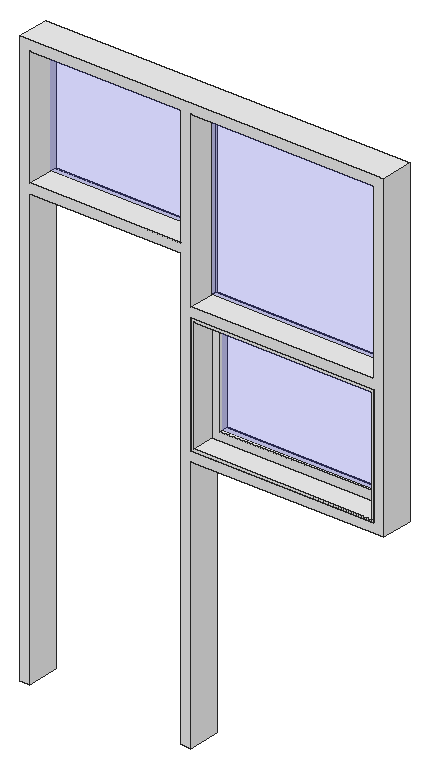
Revit family
Parameters
  창 두께 = 150 mm
  창 패널 = AW18 창 패널
  창 프레임 = AW18 창 프레임
  Height = 1500 mm
  절반 창 두께 = 창 두께 / 2  # 75 mm
  기본 씰 높이 = 1200 mm
  Wall Closure = (empty or 0)
  Width = 1700 mm
Reference planes
  plane 1: y = 0
  plane 2 "중심(왼쪽/오른쪽)": x = 0
  plane 3 "왼쪽": x = -797.5
  plane 4 "오른쪽": x = 902.5
  plane 5 "씰": z = 1200
  plane 6 "헤드": z = 2700
  plane 7 "외부": y = 100
  plane 8 "내부": y = -100
  plane 9: y = 75
  plane 10: y = -75
  plane 11: y = 35
  plane 12: x = -752.5
  plane 13: x = 857.5
  plane 14: x = -742.5
  plane 15: x = 847.5
  plane 16: z = 1800
  plane 17: z = 1790
  plane 18: z = 1845
  plane 19: y = 55
  plane 20: y = 66
  plane 21: y = 44
  plane 22: y = -11
  plane 23: y = 11
  plane 24: x = -47.5
  plane 25: x = 2.5
  plane 26: x = -57.5
  plane 27: x = 12.5
  plane 28: x = -47.5
  plane 29: z = 2100
  plane 30: z = 2055
  plane 31: z = 45
  plane 32: z = 2655
  plane 33: z = 1245
  plane 34: z = 0
  plane 35: z = 1255
  plane 36: z = 1750
  plane 37: x = 50
  plane 38: x = 807.5
  plane 39: z = 1295
  plane 40: x = 428.75
Forms (mm)
  Extrusion 1, solid, material "AW18 창 프레임" <- "창 프레임"
    sketch origin (-2000, 75, 1000) x (-1, 0, 0) y (0, 0, 1)
      loop
        line (-2902.5, 1700) -> (-2902.5, 200) -> (-2002.5, 200) -> (-2002.5, -1000) -> (-1952.5, -1000) -> (-1952.5, 1055) -> (-1247.5, 1055) -> (-1247.5, -1000) -> (-1202.5, -1000) -> (-1202.5, 1700) -> (-2902.5, 1700)
      loop
        line (-2857.5, 800) -> (-2857.5, 245) -> (-2000, 245) -> (-2000, 800) -> (-2857.5, 800)
      loop
        line (-2857.5, 1655) -> (-2857.5, 845) -> (-2000, 845) -> (-2000, 1655) -> (-2857.5, 1655)
      loop
        line (-1952.5, 1655) -> (-1952.5, 1100) -> (-1247.5, 1100) -> (-1247.5, 1655) -> (-1952.5, 1655)
    from -150 to 0
  Extrusion 2, solid, material "AW18 창 프레임" <- "창 프레임"
    sketch origin (-2000, 75, 1000) x (-1, 0, 0) y (0, 0, 1)
      loop
        line (-2857.5, 800) -> (-2857.5, 245) -> (-2000, 245) -> (-2000, 800) -> (-2857.5, 800)
      loop
        line (-2807.5, 750) -> (-2807.5, 295) -> (-2050, 295) -> (-2050, 750) -> (-2807.5, 750)
    from -40 to 0
  Extrusion 3, solid, material "AW18 창 프레임" <- "창 프레임"
    sketch origin (-2000, 75, 1000) x (-1, 0, 0) y (0, 0, 1)
      loop
        line (-2857.5, 800) -> (-2857.5, 245) -> (-2000, 245) -> (-2000, 800) -> (-2857.5, 800)
      loop
        line (-2847.5, 790) -> (-2847.5, 255) -> (-2012.5, 255) -> (-2012.5, 790) -> (-2847.5, 790)
    from -40 to -150
  Extrusion 4, solid, material "AW18 창 패널" <- "창 패널"
    sketch origin (-2000, 75, 1000) x (-1, 0, 0) y (0, 0, 1)
      loop
        line (-2807.5, 750) -> (-2807.5, 295) -> (-2050, 295) -> (-2050, 750) -> (-2807.5, 750)
      loop
        line (-2857.5, 1655) -> (-2857.5, 845) -> (-2002.5, 845) -> (-2002.5, 1655) -> (-2857.5, 1655)
      loop
        line (-1952.5, 1655) -> (-1952.5, 1100) -> (-1247.5, 1100) -> (-1247.5, 1655) -> (-1952.5, 1655)
    from -31 to -9
Lines and regions (mm)
  Opening 1
    outline origin (3500, -100, 0) x (1, 0, 0) y (0, 0, 1)
      loop
        line (-2597.5, 1200) -> (-2597.5, 2700) -> (-4297.5, 2700) -> (-4297.5, 0) -> (-3497.5, 0) -> (-3497.5, 1200) -> (-2597.5, 1200)
  Masking region 1
    outline origin (0, 0, 0) x (1, 0, 0) y (0, 1, 0)
      loop
        line (-797.5, 100) -> (-797.5, -100) -> (1602.5, -100) -> (1602.5, 100) -> (-797.5, 100)
  symbolic lines, style "입면도 스윙"
    curve 1: line (428.75, 75, 1800) -> (857.5, 75, 1245)
    curve 2: line (428.75, 75, 1800) -> (0, 75, 1245)
  symbolic lines
    curve 3: line (-797.5, 100, 0) -> (-797.5, -100, 0)
    curve 4: line (-797.5, 75, 0) -> (902.5, 75, 0)
    curve 5: line (-797.5, -75, 0) -> (902.5, -75, 0)
    curve 6: line (902.5, 100, 0) -> (902.5, -100, 0)
    curve 7: line (-47.5, 75, 0) -> (-47.5, -75, 0)
    curve 8: line (50, 75, 0) -> (50, -75, 0)
    curve 9: line (50, 0, 0) -> (902.5, 0, 0)
    curve 10: line (-797.5, 100, 0) -> (902.5, 100, 0)
    curve 11: line (-797.5, -100, 0) -> (902.5, -100, 0)
Text (mm)
  text "외부" at (-1963.203, 1332.353, 0), in view "참조 레벨"
  text "내부" at (-1981.466, -818.386, 0), in view "참조 레벨"
  text "외부" at (0, 923.751, 2943.296), in view "오른쪽"
  text "외부" at (0, 1040.484, 2685.409), in view "왼쪽"
Dimensions and locks
  "Height": plane 5 "씰" to plane 6 "헤드"
  "기본 씰 높이": plane 5 "씰" to level
  locked: plane 7 "외부" to host wall at 0
  locked: plane 8 "내부" to host wall
  plane 17 to plane 16 to plane 18 = 10 mm locked, 45 mm locked
  plane 9 to plane 19 to plane 11 = 20 mm locked, 20 mm locked
  plane 20 to plane 19 to plane 21 = 11 mm locked, 11 mm locked
  plane 23 to host wall to plane 22 = 11 mm locked, 11 mm locked
  plane 3 "왼쪽" to plane 12 to plane 14 = 45 mm locked, 10 mm locked
  plane 15 to plane 13 to plane 4 "오른쪽" = 10 mm locked, 45 mm locked
  locked: plane 26 to plane 24 at 10
  locked: plane 25 to plane 27 at 10
  locked: plane 5 "씰" to plane 16 at 600
  locked: plane 30 to plane 29 at 45
  locked: plane 29 to plane 6 "헤드" at 600
  plane 25 to plane 3 "왼쪽" = 800 mm
  "절반 창 두께": plane 9 to host wall
  "절반 창 두께": plane 10 to host wall
  locked: level to plane 31 at 45
  locked: plane 32 to plane 6 "헤드" at 45
  locked: plane 5 "씰" to plane 33 at 45
  locked: plane 33 to plane 35 at 10
  locked: plane 36 to plane 16 at 50
  locked: plane 38 to plane 13 at 50
  locked: plane 33 to plane 39 at 50
  locked: Extrusion 1 to plane 37 at 50
  "Width": plane 3 "왼쪽" to plane 4 "오른쪽"
  equal spacing: plane 37, plane 40, plane 38
  aligned and locked: Opening 1 sketch curve to level
  aligned and locked: Opening 1 sketch curve to plane 25
  aligned and locked: plane 5 "씰" to Extrusion 1 sketch curve  (x2)
  aligned and locked: plane 4 "오른쪽" to Extrusion 1 sketch curve  (x2)
  aligned and locked: plane 6 "헤드" to Extrusion 1 sketch curve  (x2)
  aligned and locked: Extrusion 1 sketch curve to plane 3 "왼쪽"
  aligned and locked: plane 25 to Extrusion 1 sketch curve  (x2)
  aligned and locked: level to plane 34
  aligned and locked: plane 13 to Extrusion 1 sketch curve  (x2)
  aligned and locked: plane 16 to Extrusion 1 sketch curve
  aligned and locked: plane 33 to Extrusion 1 sketch curve
  aligned and locked: Extrusion 1 sketch curve to plane 32  (x2)
  aligned and locked: plane 18 to Extrusion 1 sketch curve
  aligned and locked: plane 24 to Extrusion 1 sketch curve
  aligned and locked: plane 29 to Extrusion 1 sketch curve
  aligned and locked: Extrusion 1 sketch curve to plane 12
  aligned and locked: plane 12 to Extrusion 1 sketch curve  (x2)
  aligned and locked: plane 30 to Extrusion 1 sketch curve  (x2)
  aligned and locked: plane 34 to Extrusion 1 sketch curve
  aligned and locked: Extrusion 1 sketch curve to plane 28
  aligned and locked: plane 28 to Extrusion 1 sketch curve
  aligned and locked: Extrusion 1 sketch curve to plane 34  (x2)
  aligned and locked: plane 3 "왼쪽" to Extrusion 1 sketch curve
  aligned and locked: plane 9 to Extrusion 1
  aligned and locked: Extrusion 1 to plane 10
  aligned and locked: plane 16 to Extrusion 2 sketch curve
  aligned and locked: plane 13 to Extrusion 2 sketch curve
  aligned and locked: plane 33 to Extrusion 2 sketch curve
  aligned and locked: plane 2 "중심(왼쪽/오른쪽)" to Extrusion 2 sketch curve
  aligned and locked: plane 39 to Extrusion 2 sketch curve
  aligned and locked: plane 38 to Extrusion 2 sketch curve
  aligned and locked: Extrusion 2 sketch curve to plane 36
  aligned and locked: Extrusion 2 sketch curve to plane 37
  aligned and locked: Extrusion 2 to plane 11
  aligned and locked: plane 9 to Extrusion 2
  aligned and locked: plane 16 to Extrusion 3 sketch curve
  aligned and locked: plane 13 to Extrusion 3 sketch curve
  aligned and locked: plane 33 to Extrusion 3 sketch curve
  aligned and locked: plane 2 "중심(왼쪽/오른쪽)" to Extrusion 3 sketch curve
  aligned and locked: plane 15 to Extrusion 3 sketch curve
  aligned and locked: plane 17 to Extrusion 3 sketch curve
  aligned and locked: plane 27 to Extrusion 3 sketch curve
  aligned and locked: plane 35 to Extrusion 3 sketch curve
  aligned and locked: Extrusion 3 to plane 11
  aligned and locked: Extrusion 3 to plane 10
  aligned and locked: Extrusion 4 sketch curve to plane 36
  aligned and locked: plane 38 to Extrusion 4 sketch curve
  aligned and locked: plane 39 to Extrusion 4 sketch curve
  aligned and locked: Extrusion 4 sketch curve to plane 37
  aligned and locked: Extrusion 4 sketch curve to plane 18
  aligned and locked: plane 13 to Extrusion 4 sketch curve
  aligned and locked: plane 25 to Extrusion 4 sketch curve
  aligned and locked: Extrusion 4 sketch curve to plane 32  (x2)
  aligned and locked: plane 28 to Extrusion 4 sketch curve
  aligned and locked: Extrusion 4 sketch curve to plane 29
  aligned and locked: Extrusion 4 sketch curve to plane 12
  aligned and locked: Extrusion 4 to plane 21
  aligned and locked: plane 20 to Extrusion 4
  aligned and locked: plane 33 to curve 1
  aligned and locked: plane 13 to curve 1
  aligned and locked: plane 33 to curve 2
  aligned and locked: plane 2 "중심(왼쪽/오른쪽)" to curve 2
  aligned and locked: plane 40 to curve 2
  aligned and locked: plane 16 to curve 2
  aligned and locked: plane 7 "외부" to curve 3
  aligned and locked: plane 8 "내부" to curve 3
  aligned and locked: plane 3 "왼쪽" to curve 3
  aligned and locked: plane 7 "외부" to curve 6
  aligned and locked: plane 8 "내부" to curve 6
  aligned and locked: plane 4 "오른쪽" to curve 6
  aligned and locked: plane 4 "오른쪽" to curve 4
  aligned and locked: plane 3 "왼쪽" to curve 4
  aligned and locked: curve 4 to plane 9
  aligned and locked: curve 5 to plane 10
  aligned and locked: plane 9 to curve 7
  aligned and locked: plane 10 to curve 7
  aligned and locked: plane 28 to curve 7
  aligned and locked: plane 37 to curve 8
  aligned and locked: plane 37 to curve 9
  aligned and locked: host wall to curve 9
  aligned and locked: Masking region 1 sketch curve to host wall  (x2)
  aligned: curve 11 to Masking region 1
  aligned: host wall to plane 6 "헤드"
Automatic sketch dimensions
  Opening 1 sketch curve to plane 3 "왼쪽" = 0 mm
  Opening 1 sketch curve to plane 5 "씰" = 0 mm
  Opening 1 sketch curve to plane 4 "오른쪽" = 0 mm
  Opening 1 sketch curve to plane 6 "헤드" = 0 mm
  Extrusion 1 sketch curve to plane 2 "중심(왼쪽/오른쪽)" = 0 mm  (x2)
